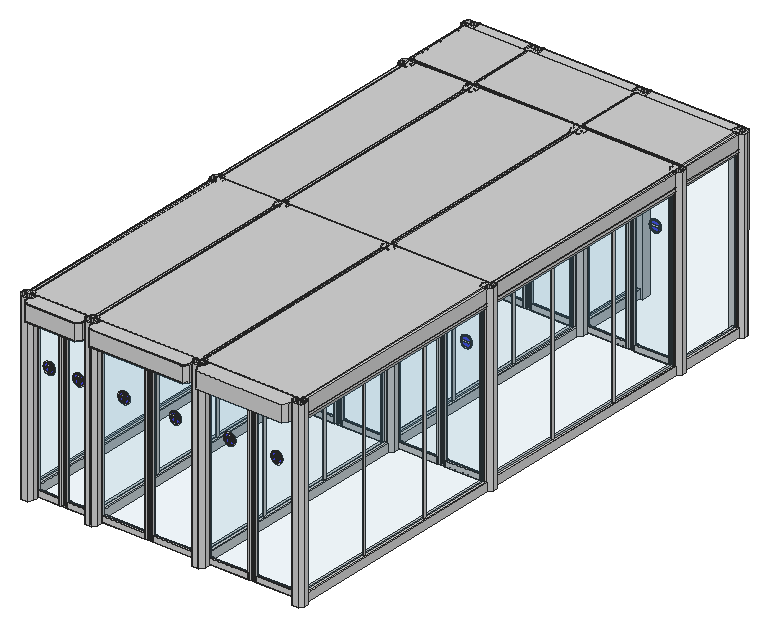
Revit family "assa_abloy_security_el_triple", category Doors, Revit 2026 (continued)
Definition of nested family "PartTriple"
  Dimensions and locks
    aligned and locked: curve 56 to Sweep 8
    aligned and locked: plane 14 to curve 57
    aligned and locked: curve 58 to plane 12
    aligned and locked: plane 20 to Extrusion 6
    aligned and locked: plane 13 to Extrusion 6
    aligned and locked: Extrusion 6 to plane 16
    aligned and locked: curve 61 to plane 13
    aligned and locked: Extrusion 6 to plane 14
    aligned and locked: plane 14 to curve 59
    aligned and locked: curve 60 to plane 20
    aligned and locked: plane 21 to curve 62
    aligned and locked: plane 14 to curve 63
    aligned and locked: curve 65 to plane 13
    aligned and locked: curve 64 to plane 22
    aligned and locked: plane 23 to curve 66
    aligned and locked: curve 69 to plane 13
    aligned and locked: plane 14 to curve 67
    aligned and locked: curve 68 to plane 17
    aligned and locked: plane 24 to curve 70
    aligned and locked: plane 11 to curve 72
    aligned and locked: curve 71 to plane 12
    aligned and locked: plane 22 to curve 74
    aligned and locked: curve 76 to plane 12
    aligned and locked: plane 11 to curve 75
    aligned and locked: curve 73 to plane 23
    aligned and locked: plane 20 to curve 78
    aligned and locked: curve 80 to plane 12
    aligned and locked: plane 11 to curve 79
    aligned and locked: curve 81 to Sweep 12
    aligned and locked: curve 82 to Sweep 12
    aligned and locked: plane 8 "Center" to Extrusion 15 sketch curve
    aligned and locked: Extrusion 21 sketch curve to plane 25
    aligned and locked: Extrusion 21 sketch curve to plane 30
    aligned and locked: plane 7 to Extrusion 21 sketch curve
    aligned and locked: Extrusion 21 sketch curve to plane 26  (x2)
    aligned and locked: Extrusion 20 sketch curve to plane 29
    aligned and locked: Extrusion 20 sketch curve to plane 11
    aligned and locked: Extrusion 20 sketch curve to plane 13
    aligned and locked: plane 4 "Top" to Sweep 4
    aligned and locked: plane 4 "Top" to cut or joined group of Sweep 13, Sweep 14, Extrusion 15  (x2)
    aligned and locked: Extrusion 19 sketch curve to plane 8 "Center"
    aligned and locked: Extrusion 19 sketch curve to plane 26
    aligned and locked: Extrusion 30 sketch curve to Sweep 23  (x2)
    aligned and locked: Extrusion 30 sketch curve to Sweep 22
    aligned and locked: Extrusion 41 sketch curve to Sweep 33
    aligned and locked: Sweep 22 to plane 24
    aligned and locked: Sweep 3 to plane 24  (x2)
    aligned and locked: Sweep 3 to plane 44  (x2)
    aligned and locked: plane 25 to Sweep 4  (x2)
    aligned and locked: nested 8 to plane 45
    aligned and locked: nested 7 to plane 46
    aligned and locked: plane 33 to Sweep 22
    aligned and locked: Extrusion 24 to plane 40
    aligned and locked: plane 39 to Extrusion 24
    aligned and locked: plane 33 to Sweep 23
    aligned and locked: plane 24 to Sweep 27 sketch curve
    aligned and locked: plane 25 to Sweep 27 sketch curve
    aligned and locked: plane 33 to Sweep 27 sketch curve
    aligned and locked: plane 25 to Sweep 28 sketch curve
    aligned and locked: plane 33 to Sweep 28 sketch curve
    aligned and locked: plane 24 to Sweep 28 sketch curve
    aligned and locked: Extrusion 29 sketch curve to plane 8 "Center"
    aligned and locked: Extrusion 29 sketch curve to plane 4 "Top"
    aligned and locked: plane 44 to Extrusion 29 sketch curve
    aligned and locked: Extrusion 24 sketch curve to plane 40  (x3)
    aligned and locked: Extrusion 24 sketch curve to plane 39  (x3)
    aligned and locked: plane 25 to Extrusion 24 sketch curve
    aligned and locked: Extrusion 24 sketch curve to plane 20
    aligned and locked: Extrusion 24 sketch curve to plane 21
    aligned and locked: Extrusion 24 sketch curve to plane 22
    aligned and locked: Extrusion 24 sketch curve to plane 23
    aligned and locked: plane 17 to Extrusion 24 sketch curve
    aligned and locked: plane 40 to Extrusion 29
    aligned and locked: plane 14 to Extrusion 29
    aligned and locked: plane 33 to Extrusion 32 sketch curve
    aligned and locked: Extrusion 32 sketch curve to plane 32
    aligned and locked: Extrusion 31 sketch curve to plane 47
    aligned and locked: plane 48 to Extrusion 31 sketch curve
    aligned and locked: Extrusion 30 sketch curve to plane 46
    aligned and locked: plane 45 to Extrusion 30 sketch curve
    aligned and locked: Extrusion 30 sketch curve to plane 32
    aligned and locked: plane 25 to Extrusion 30 sketch curve
    aligned and locked: Extrusion 30 sketch curve to plane 25
    aligned and locked: curve 83 to plane 49
    aligned and locked: Sweep 26 to plane 39  (x2)
    aligned and locked: Sweep 25 to plane 39
    aligned and locked: nested 6 to plane 45
    aligned and locked: nested 5 to plane 46
    aligned and locked: Sweep 33 to plane 38
    aligned and locked: Sweep 34 to plane 38
    aligned and locked: nested 10 to plane 50
    aligned and locked: nested 9 to plane 51
    aligned and locked: nested 11 to plane 51
    aligned and locked: nested 12 to plane 50
    aligned and locked: plane 44 to Extrusion 40 sketch curve
    aligned and locked: Extrusion 40 sketch curve to plane 4 "Top"
    aligned and locked: Extrusion 40 sketch curve to plane 8 "Center"
    aligned and locked: cut or joined group of Sweep 13, Sweep 14, Extrusion 15 to plane 8 "Center"
    aligned and locked: plane 43 to Extrusion 40
    aligned and locked: Extrusion 40 to plane 39
    aligned and locked: cut or joined group of Extrusion 16, Extrusion 17, Extrusion 18 to cut or joined group of Sweep 13, Sweep 14, Extrusion 15
    aligned and locked: Extrusion 16 sketch curve to Sweep 11
    aligned and locked: curve 84 to plane 49
    aligned and locked: Extrusion 42 to plane 53
    aligned and locked: plane 54 to Extrusion 42
    aligned and locked: plane 55 to Extrusion 41 sketch curve
    aligned and locked: Extrusion 42 to plane 57
    aligned and locked: plane 37 to Extrusion 43 sketch curve
    aligned and locked: plane 54 to Extrusion 43 sketch curve
    aligned and locked: Extrusion 43 sketch curve to plane 53
    aligned and locked: Extrusion 43 sketch curve to plane 38
    aligned and locked: Extrusion 21 to plane 5 "PH"
    aligned and locked: plane 4 "Top" to Extrusion 19
    aligned and locked: cut or joined group of Extrusion 16, Extrusion 17, Extrusion 18 to plane 5 "PH"
    aligned and locked: Extrusion 30 to plane 5 "PH"
    aligned and locked: Extrusion 41 to plane 5 "PH"
    aligned and locked: Extrusion 29 to plane 4 "Top"
    aligned and locked: Extrusion 40 to plane 4 "Top"
    aligned and locked: plane 28 to Sweep 9
    aligned and locked: plane 28 to Sweep 7
    aligned and locked: Sweep 28 to plane 28
    aligned and locked: Sweep 39 to plane 28
    aligned and locked: plane 28 to Extrusion 35
    aligned and locked: plane 28 to Extrusion 24
    aligned and locked: plane 59 to Extrusion 21
    aligned and locked: Extrusion 19 to plane 60
  Automatic sketch dimensions
    plane 1 "Entry" to curve 57 = 0.00 mm
    plane 1 "Entry" to curve 58 = 0.00 mm
    plane 26 to curve 83 = 0.00 mm
    plane 26 to curve 57 = 0.00 mm
    plane 26 to curve 58 = 0.00 mm
    curve 84 to curve 57 = 362.634 mm
    curve 83 to curve 84 = 575.561 mm
    curve 83 to curve 84 = 102.25 mm
    Sweep 1 sketch curve to level = 0.00 mm
    Sweep 1 sketch curve to plane 4 "Top" = 0.00 mm
    Sweep 1 sketch curve to profile plane = 0.00 mm
    profile plane to Sweep 1 sketch curve = 2.30 mm
    profile plane to Sweep 1 sketch curve = 19.90 mm
    profile plane to Sweep 1 sketch curve = 36.52 mm
    Sweep 1 sketch curve to Sweep 1 sketch curve = 0.946 mm
    Sweep 1 sketch curve to Sweep 1 sketch curve = 22.75 mm
    Sweep 1 sketch curve to plane 1 "Entry" = 17.45 mm  (x2)
    profile plane to Sweep 1 sketch curve = 43.296 mm
    Sweep 1 sketch curve to Sweep 1 sketch curve = 16.93 mm
    Sweep 1 sketch curve to Sweep 1 sketch curve = 10.70 mm  (x2)
    Sweep 1 sketch curve to Sweep 1 sketch curve = 26.254 mm
    Sweep 1 sketch curve to Sweep 1 sketch curve = 7.00 mm  (x2)
    Sweep 1 sketch curve to Sweep 1 sketch curve = 37.00 mm
    Sweep 1 sketch curve to Sweep 1 sketch curve = 5.00 mm  (x2)
    Sweep 1 sketch curve to Sweep 1 sketch curve = 8.50 mm
    Sweep 1 sketch curve to Sweep 1 sketch curve = 25.20 mm
    Sweep 1 sketch curve to Sweep 1 sketch curve = 17.95 mm
    Sweep 1 sketch curve to Sweep 1 sketch curve = 3.40 mm
    Sweep 1 sketch curve to Sweep 1 sketch curve = 19.05 mm
    Sweep 1 sketch curve to Sweep 1 sketch curve = 20.752 mm
    Sweep 1 sketch curve to Sweep 1 sketch curve = 16.185 mm
    Sweep 1 sketch curve to Sweep 1 sketch curve = 0.746 mm
    Sweep 1 sketch curve to Sweep 1 sketch curve = 3.182 mm
    Sweep 1 sketch curve to Sweep 1 sketch curve = 22.95 mm
    plane 1 "Entry" to Sweep 1 sketch curve = 21.326 mm
    Sweep 1 sketch curve to Sweep 1 sketch curve = 17.40 mm  (x2)
    plane 1 "Entry" to Sweep 1 sketch curve = 67.057 mm
    plane 1 "Entry" to Sweep 1 sketch curve = 20.298 mm
    Sweep 1 sketch curve to Sweep 1 sketch curve = 2.50 mm
    Sweep 1 sketch curve to Sweep 1 sketch curve = 6.71 mm
    Sweep 1 sketch curve to Sweep 1 sketch curve = 2.79 mm
    plane 1 "Entry" to Sweep 1 sketch curve = 2.55 mm
    plane 1 "Entry" to Sweep 1 sketch curve = 20.296 mm
    Sweep 1 sketch curve to Sweep 1 sketch curve = 36.45 mm
    Sweep 1 sketch curve to Sweep 1 sketch curve = 23.704 mm
    Sweep 1 sketch curve to Sweep 1 sketch curve = 9.50 mm
    Sweep 1 sketch curve to Sweep 1 sketch curve = 0.00 mm  (x2)
    Sweep 1 sketch curve to Sweep 1 sketch curve = 1.754 mm  (x2)
    Sweep 1 sketch curve to Sweep 1 sketch curve = 21.303 mm
    Sweep 1 sketch curve to Sweep 1 sketch curve = 1.746 mm  (x2)
    Sweep 1 sketch curve to Sweep 1 sketch curve = 36.56 mm
    Sweep 1 sketch curve to Sweep 1 sketch curve = 13.70 mm  (x2)
    Sweep 1 sketch curve to Sweep 1 sketch curve = 10.00 mm  (x2)
    Sweep 1 sketch curve to Sweep 1 sketch curve = 8.103 mm  (x2)
    Sweep 1 sketch curve to Sweep 1 sketch curve = 6.897 mm
    Sweep 2 sketch curve to plane 4 "Top" = 0.00 mm
    plane 7 to Sweep 2 sketch curve = 0.00 mm
    Sweep 2 sketch curve to level = 0.00 mm
    Sweep 2 sketch curve to profile plane = 0.00 mm
    profile plane to Sweep 2 sketch curve = 2.30 mm
    profile plane to Sweep 2 sketch curve = 19.90 mm
    profile plane to Sweep 2 sketch curve = 36.52 mm
    Sweep 2 sketch curve to Sweep 2 sketch curve = 0.946 mm
    Sweep 2 sketch curve to Sweep 2 sketch curve = 22.75 mm
    Sweep 2 sketch curve to plane 8 "Center" = 17.45 mm
    profile plane to Sweep 2 sketch curve = 43.296 mm
    Sweep 2 sketch curve to Sweep 2 sketch curve = 16.93 mm
    Sweep 2 sketch curve to Sweep 2 sketch curve = 10.70 mm  (x2)
    Sweep 2 sketch curve to Sweep 2 sketch curve = 5.40 mm  (x2)
    Sweep 2 sketch curve to Sweep 2 sketch curve = 1.60 mm  (x2)
    Sweep 2 sketch curve to Sweep 2 sketch curve = 37.00 mm
    Sweep 2 sketch curve to Sweep 2 sketch curve = 5.00 mm  (x5)
    Sweep 2 sketch curve to Sweep 2 sketch curve = 8.50 mm
    Sweep 2 sketch curve to plane 8 "Center" = 7.95 mm
    Sweep 2 sketch curve to Sweep 2 sketch curve = 59.304 mm
    Sweep 2 sketch curve to Sweep 2 sketch curve = 3.40 mm
    Sweep 2 sketch curve to Sweep 2 sketch curve = 19.05 mm
    Sweep 2 sketch curve to Sweep 2 sketch curve = 20.752 mm
    Sweep 2 sketch curve to Sweep 2 sketch curve = 16.185 mm
    Sweep 2 sketch curve to Sweep 2 sketch curve = 0.746 mm
    Sweep 2 sketch curve to Sweep 2 sketch curve = 3.182 mm
    Sweep 2 sketch curve to Sweep 2 sketch curve = 22.95 mm
    Sweep 2 sketch curve to Sweep 2 sketch curve = 17.40 mm  (x2)
    plane 8 "Center" to Sweep 2 sketch curve = 20.298 mm
    Sweep 2 sketch curve to Sweep 2 sketch curve = 2.50 mm
    Sweep 2 sketch curve to Sweep 2 sketch curve = 2.79 mm
    plane 8 "Center" to Sweep 2 sketch curve = 20.296 mm
    Sweep 2 sketch curve to Sweep 2 sketch curve = 1.028 mm
    Sweep 2 sketch curve to Sweep 2 sketch curve = 17.674 mm
    Sweep 2 sketch curve to Sweep 2 sketch curve = 23.704 mm
    Sweep 2 sketch curve to Sweep 2 sketch curve = 9.50 mm  (x2)
    Sweep 2 sketch curve to Sweep 2 sketch curve = 21.303 mm  (x2)
    Sweep 2 sketch curve to Sweep 2 sketch curve = 1.754 mm  (x2)
    Sweep 2 sketch curve to Sweep 2 sketch curve = 1.746 mm  (x2)
    Sweep 2 sketch curve to Sweep 2 sketch curve = 36.56 mm
    Sweep 2 sketch curve to Sweep 2 sketch curve = 0.00 mm
    Sweep 2 sketch curve to Sweep 2 sketch curve = 13.70 mm  (x2)
    Sweep 2 sketch curve to Sweep 2 sketch curve = 8.103 mm  (x2)
    Sweep 2 sketch curve to Sweep 2 sketch curve = 15.00 mm
    Sweep 2 sketch curve to Sweep 2 sketch curve = 6.897 mm
    Sweep 3 sketch curve to plane 4 "Top" = 0.00 mm
    plane 6 to Sweep 3 sketch curve = 0.00 mm
    Sweep 3 sketch curve to level = 0.00 mm
    Sweep 3 sketch curve to profile plane = 0.00 mm
    Sweep 3 sketch curve to profile plane = 2.30 mm
    Sweep 3 sketch curve to profile plane = 19.90 mm
    Sweep 3 sketch curve to profile plane = 36.52 mm
    Sweep 3 sketch curve to Sweep 3 sketch curve = 0.946 mm
    Sweep 3 sketch curve to Sweep 3 sketch curve = 22.75 mm
    Sweep 3 sketch curve to Sweep 3 sketch curve = 0.646 mm  (x2)
    Sweep 3 sketch curve to Sweep 3 sketch curve = 16.93 mm
    Sweep 3 sketch curve to Sweep 3 sketch curve = 10.70 mm  (x2)
    Sweep 3 sketch curve to Sweep 3 sketch curve = 26.254 mm  (x2)
    Sweep 3 sketch curve to Sweep 3 sketch curve = 7.00 mm  (x2)
    Sweep 3 sketch curve to Sweep 3 sketch curve = 37.00 mm
    Sweep 3 sketch curve to Sweep 3 sketch curve = 5.00 mm
    Sweep 3 sketch curve to Sweep 3 sketch curve = 8.50 mm
    profile plane to Sweep 3 sketch curve = 2.55 mm
    Sweep 3 sketch curve to Sweep 3 sketch curve = 25.20 mm
    Sweep 3 sketch curve to Sweep 3 sketch curve = 16.185 mm
    Sweep 3 sketch curve to Sweep 3 sketch curve = 0.746 mm
    Sweep 3 sketch curve to Sweep 3 sketch curve = 22.95 mm
    Sweep 3 sketch curve to Sweep 3 sketch curve = 17.40 mm
    profile plane to Sweep 3 sketch curve = 68.804 mm
    Sweep 3 sketch curve to Sweep 3 sketch curve = 2.50 mm
    Sweep 3 sketch curve to profile plane = 17.45 mm  (x2)
    profile plane to Sweep 3 sketch curve = 20.298 mm  (x2)
    Sweep 3 sketch curve to Sweep 3 sketch curve = 23.704 mm  (x2)
    Sweep 3 sketch curve to Sweep 3 sketch curve = 9.50 mm  (x2)
    Sweep 3 sketch curve to Sweep 3 sketch curve = 3.50 mm
    Sweep 3 sketch curve to Sweep 3 sketch curve = 21.303 mm
    Sweep 3 sketch curve to Sweep 3 sketch curve = 1.754 mm  (x2)
    Sweep 3 sketch curve to Sweep 3 sketch curve = 1.746 mm
    Sweep 3 sketch curve to Sweep 3 sketch curve = 36.56 mm
    Sweep 3 sketch curve to Sweep 3 sketch curve = 0.00 mm
    Sweep 3 sketch curve to Sweep 3 sketch curve = 13.70 mm  (x2)
    Sweep 3 sketch curve to Sweep 3 sketch curve = 10.00 mm  (x2)
    Sweep 3 sketch curve to Sweep 3 sketch curve = 8.103 mm  (x2)
    Sweep 3 sketch curve to Sweep 3 sketch curve = 6.897 mm
    Sweep 4 sketch curve to plane 4 "Top" = 0.00 mm
    plane 6 to Sweep 4 sketch curve = 0.00 mm
    Sweep 4 sketch curve to level = 0.00 mm
    Sweep 4 sketch curve to profile plane = 0.00 mm
    Sweep 4 sketch curve to profile plane = 2.30 mm
    Sweep 4 sketch curve to Sweep 4 sketch curve = 17.60 mm
    Sweep 4 sketch curve to profile plane = 36.52 mm
    Sweep 4 sketch curve to Sweep 4 sketch curve = 0.946 mm
    Sweep 4 sketch curve to Sweep 4 sketch curve = 22.75 mm
    Sweep 4 sketch curve to Sweep 4 sketch curve = 0.646 mm  (x2)
    Sweep 4 sketch curve to Sweep 4 sketch curve = 16.93 mm
    Sweep 4 sketch curve to Sweep 4 sketch curve = 10.70 mm  (x2)
    Sweep 4 sketch curve to Sweep 4 sketch curve = 5.40 mm
    Sweep 4 sketch curve to Sweep 4 sketch curve = 1.60 mm  (x2)
    Sweep 4 sketch curve to Sweep 4 sketch curve = 8.50 mm  (x2)
    Sweep 4 sketch curve to Sweep 4 sketch curve = 5.00 mm  (x2)
    Sweep 4 sketch curve to Sweep 4 sketch curve = 7.00 mm
    Sweep 4 sketch curve to plane 8 "Center" = 17.45 mm
    Sweep 4 sketch curve to Sweep 4 sketch curve = 77.707 mm
    Sweep 4 sketch curve to Sweep 4 sketch curve = 16.185 mm
    Sweep 4 sketch curve to Sweep 4 sketch curve = 0.746 mm
    Sweep 4 sketch curve to Sweep 4 sketch curve = 22.95 mm
    Sweep 4 sketch curve to Sweep 4 sketch curve = 17.40 mm
    Sweep 4 sketch curve to Sweep 4 sketch curve = 19.90 mm
    plane 8 "Center" to Sweep 4 sketch curve = 20.296 mm  (x2)
    Sweep 4 sketch curve to Sweep 4 sketch curve = 23.704 mm  (x2)
    Sweep 4 sketch curve to Sweep 4 sketch curve = 9.50 mm  (x2)
    Sweep 4 sketch curve to Sweep 4 sketch curve = 21.303 mm  (x2)
    Sweep 4 sketch curve to Sweep 4 sketch curve = 1.754 mm  (x2)
    Sweep 4 sketch curve to Sweep 4 sketch curve = 1.746 mm  (x2)
    Sweep 4 sketch curve to Sweep 4 sketch curve = 36.56 mm
    Sweep 4 sketch curve to Sweep 4 sketch curve = 0.00 mm
    Sweep 4 sketch curve to Sweep 4 sketch curve = 13.70 mm  (x2)
    Sweep 4 sketch curve to Sweep 4 sketch curve = 10.00 mm  (x2)
    Sweep 4 sketch curve to Sweep 4 sketch curve = 8.103 mm  (x2)
    Sweep 4 sketch curve to Sweep 4 sketch curve = 6.897 mm
    Sweep 4 sketch curve to Sweep 4 sketch curve = 15.00 mm
    Extrusion 5 sketch curve to plane 11 = 0.00 mm  (x2)
    Extrusion 5 sketch curve to plane 12 = 0.00 mm  (x2)
    Extrusion 6 sketch curve to plane 13 = 0.00 mm  (x2)
    Extrusion 6 sketch curve to plane 14 = 0.00 mm  (x2)
    plane 19 to Sweep 7 sketch curve = 15.00 mm
    profile plane to Sweep 7 sketch curve = 88.45 mm
    Sweep 7 sketch curve to Sweep 7 sketch curve = 2.00 mm  (x3)
    plane 19 to Sweep 7 sketch curve = 1.00 mm
    Sweep 7 sketch curve to Sweep 7 sketch curve = 8.60 mm  (x2)
    Sweep 7 sketch curve to plane 19 = 1.00 mm
    Sweep 7 sketch curve to Sweep 7 sketch curve = 14.00 mm
    Sweep 7 sketch curve to Sweep 7 sketch curve = 0.00 mm  (x2)
    plane 18 to Sweep 8 sketch curve = 15.00 mm
    profile plane to Sweep 8 sketch curve = 88.45 mm
    Sweep 8 sketch curve to Sweep 8 sketch curve = 2.00 mm  (x3)
    plane 18 to Sweep 8 sketch curve = 1.00 mm
    Sweep 8 sketch curve to Sweep 8 sketch curve = 8.60 mm  (x2)
    Sweep 8 sketch curve to plane 18 = 1.00 mm
    Sweep 8 sketch curve to Sweep 8 sketch curve = 14.00 mm
    Sweep 8 sketch curve to Sweep 8 sketch curve = 0.00 mm  (x2)
    plane 19 to Sweep 9 sketch curve = 15.00 mm
    Sweep 9 sketch curve to profile plane = 75.85 mm
    Sweep 9 sketch curve to Sweep 9 sketch curve = 2.00 mm  (x3)
    plane 19 to Sweep 9 sketch curve = 1.00 mm
    Sweep 9 sketch curve to Sweep 9 sketch curve = 8.60 mm
    Sweep 9 sketch curve to Sweep 9 sketch curve = 0.00 mm  (x3)
    Sweep 9 sketch curve to plane 19 = 1.00 mm
    Sweep 9 sketch curve to Sweep 9 sketch curve = 14.00 mm
    plane 18 to Sweep 10 sketch curve = 15.00 mm
    Sweep 10 sketch curve to profile plane = 75.85 mm
    Sweep 10 sketch curve to Sweep 10 sketch curve = 2.00 mm  (x3)
    plane 18 to Sweep 10 sketch curve = 1.00 mm
    Sweep 10 sketch curve to Sweep 10 sketch curve = 8.60 mm
    Sweep 10 sketch curve to Sweep 10 sketch curve = 0.00 mm  (x3)
    Sweep 10 sketch curve to plane 18 = 1.00 mm
    Sweep 10 sketch curve to Sweep 10 sketch curve = 14.00 mm
    level to Sweep 11 sketch curve = 0.90 mm
    profile plane to Sweep 11 sketch curve = 124.65 mm
    Sweep 11 sketch curve to Sweep 11 sketch curve = 5.00 mm  (x2)
    Sweep 11 sketch curve to Sweep 11 sketch curve = 28.00 mm  (x2)
    Sweep 11 sketch curve to Sweep 11 sketch curve = 19.00 mm
    level to Sweep 11 sketch curve = 70.90 mm
    Sweep 11 sketch curve to Sweep 11 sketch curve = 35.00 mm  (x2)
    Sweep 12 sketch curve to plane 6 = 0.00 mm
    plane 24 to Sweep 12 sketch curve = 0.00 mm
    plane 25 to Sweep 12 sketch curve = 0.00 mm
    level to Sweep 12 sketch curve = 0.90 mm
    Sweep 12 sketch curve to profile plane = 39.65 mm
    Sweep 12 sketch curve to Sweep 12 sketch curve = 5.00 mm  (x2)
    Sweep 12 sketch curve to Sweep 12 sketch curve = 28.00 mm  (x2)
    Sweep 12 sketch curve to Sweep 12 sketch curve = 19.00 mm
    level to Sweep 12 sketch curve = 70.90 mm
    Sweep 12 sketch curve to Sweep 12 sketch curve = 35.00 mm  (x2)
    Sweep 13 sketch curve to plane 7 = 0.00 mm
    plane 25 to Sweep 13 sketch curve = 0.00 mm
    plane 24 to Sweep 13 sketch curve = 0.00 mm
    Sweep 13 sketch curve to Sweep 13 sketch curve = 0.00 mm  (x6)
    plane 5 "PH" to Sweep 13 sketch curve = 41.60 mm
    profile plane to Sweep 13 sketch curve = 121.15 mm
    Sweep 13 sketch curve to Sweep 13 sketch curve = 2.00 mm
    Sweep 13 sketch curve to Sweep 13 sketch curve = 3.00 mm  (x3)
    Sweep 13 sketch curve to Sweep 13 sketch curve = 3.50 mm
    Sweep 13 sketch curve to plane 5 "PH" = 28.70 mm
    Sweep 13 sketch curve to Sweep 13 sketch curve = 17.32 mm
    Sweep 13 sketch curve to Sweep 13 sketch curve = 11.68 mm  (x2)
    Sweep 13 sketch curve to Sweep 13 sketch curve = 14.00 mm
    Sweep 13 sketch curve to Sweep 13 sketch curve = 45.00 mm
    profile plane to Sweep 13 sketch curve = 46.15 mm
    plane 5 "PH" to Sweep 13 sketch curve = 1.30 mm  (x2)
    Sweep 13 sketch curve to Sweep 13 sketch curve = 20.82 mm
    Sweep 13 sketch curve to Sweep 13 sketch curve = 4.40 mm  (x3)
    Sweep 13 sketch curve to Sweep 13 sketch curve = 9.60 mm
    Sweep 13 sketch curve to Sweep 13 sketch curve = 1.00 mm
    Sweep 13 sketch curve to Sweep 13 sketch curve = 63.75 mm
    Sweep 13 sketch curve to Sweep 13 sketch curve = 37.00 mm
    Sweep 13 sketch curve to Sweep 13 sketch curve = 64.25 mm
    Sweep 14 sketch curve to plane 6 = 0.00 mm
    plane 25 to Sweep 14 sketch curve = 0.00 mm
    plane 24 to Sweep 14 sketch curve = 0.00 mm
    Sweep 14 sketch curve to Sweep 14 sketch curve = 0.00 mm  (x5)
    Sweep 14 sketch curve to profile plane = 43.15 mm
    Sweep 14 sketch curve to profile plane = 46.15 mm
    Sweep 14 sketch curve to plane 5 "PH" = 28.70 mm  (x2)
    Sweep 14 sketch curve to Sweep 14 sketch curve = 17.32 mm
    Sweep 14 sketch curve to profile plane = 71.15 mm
    Sweep 14 sketch curve to Sweep 14 sketch curve = 11.68 mm  (x2)
    Sweep 14 sketch curve to Sweep 14 sketch curve = 3.00 mm  (x2)
    Sweep 14 sketch curve to Sweep 14 sketch curve = 14.00 mm
    plane 5 "PH" to Sweep 14 sketch curve = 41.60 mm
    Sweep 14 sketch curve to Sweep 14 sketch curve = 26.50 mm
    Sweep 14 sketch curve to Sweep 14 sketch curve = 45.00 mm
    Sweep 14 sketch curve to Sweep 14 sketch curve = 3.50 mm
    Sweep 14 sketch curve to Sweep 14 sketch curve = 5.50 mm
    Sweep 14 sketch curve to Sweep 14 sketch curve = 2.00 mm
    Sweep 14 sketch curve to Sweep 14 sketch curve = 4.40 mm  (x2)
    Sweep 14 sketch curve to Sweep 14 sketch curve = 9.60 mm
    plane 5 "PH" to Sweep 14 sketch curve = 1.30 mm  (x2)
    Sweep 14 sketch curve to Sweep 14 sketch curve = 1.00 mm
    Sweep 14 sketch curve to Sweep 14 sketch curve = 63.75 mm
    Sweep 14 sketch curve to Sweep 14 sketch curve = 37.00 mm
    Sweep 14 sketch curve to Sweep 14 sketch curve = 64.25 mm
    Extrusion 15 sketch curve to plane 4 "Top" = 0.00 mm
    Extrusion 15 sketch curve to Extrusion 15 sketch curve = 4.531 mm
    Extrusion 16 sketch curve to plane 7 = 0.00 mm
    Extrusion 16 sketch curve to plane 6 = 0.00 mm
    Extrusion 16 sketch curve to plane 9 = 14.65 mm
    plane 7 to Extrusion 16 sketch curve = 1.892 mm
    Extrusion 16 sketch curve to plane 30 = 0.642 mm
    Extrusion 16 sketch curve to plane 52 = 1.90 mm
    plane 8 "Center" to Extrusion 16 sketch curve = 20.296 mm
    Extrusion 16 sketch curve to Extrusion 16 sketch curve = 48.504 mm
    plane 44 to Extrusion 16 sketch curve = 48.505 mm
    Extrusion 16 sketch curve to Extrusion 16 sketch curve = 60.413 mm  (x2)
    Extrusion 16 sketch curve to Extrusion 16 sketch curve = 32.344 mm  (x2)
    Extrusion 16 sketch curve to Extrusion 16 sketch curve = 63.44 mm
    Extrusion 17 sketch curve to plane 9 = 14.65 mm
    Extrusion 17 sketch curve to Extrusion 17 sketch curve = 2.00 mm  (x2)
    plane 7 to Extrusion 17 sketch curve = 1.892 mm
    Extrusion 17 sketch curve to Extrusion 17 sketch curve = 1.109 mm
    Extrusion 17 sketch curve to plane 30 = 1.75 mm
    Extrusion 17 sketch curve to plane 30 = 0.642 mm
    Extrusion 17 sketch curve to plane 52 = 3.90 mm
    Extrusion 17 sketch curve to plane 52 = 1.90 mm
    plane 44 to Extrusion 17 sketch curve = 108.462 mm  (x2)
    Extrusion 17 sketch curve to Extrusion 17 sketch curve = 32.226 mm
    Extrusion 17 sketch curve to Extrusion 17 sketch curve = 32.227 mm
    Extrusion 17 sketch curve to Extrusion 17 sketch curve = 0.573 mm  (x2)
    Extrusion 17 sketch curve to Extrusion 17 sketch curve = 62.014 mm
    Extrusion 18 sketch curve to plane 7 = 0.00 mm
    Extrusion 18 sketch curve to plane 6 = 0.00 mm
    Extrusion 18 sketch curve to plane 9 = 14.65 mm
    plane 7 to Extrusion 18 sketch curve = 1.892 mm
    Extrusion 18 sketch curve to plane 30 = 0.642 mm
    Extrusion 18 sketch curve to plane 52 = 1.90 mm
    Extrusion 18 sketch curve to plane 44 = 0.001 mm
    plane 44 to Extrusion 18 sketch curve = 48.505 mm  (x2)
    Extrusion 18 sketch curve to Extrusion 18 sketch curve = 60.413 mm  (x2)
    Extrusion 18 sketch curve to Extrusion 18 sketch curve = 32.344 mm  (x2)
    Extrusion 18 sketch curve to Extrusion 18 sketch curve = 63.44 mm
    curve 57 to curve 26 = 8.50 mm
    curve 30 to curve 57 = 42.954 mm
    curve 57 to curve 29 = 38.40 mm
    curve 76 to curve 48 = 3.00 mm
    plane 11 to Extrusion 19 sketch curve = 1.875 mm
    Extrusion 19 sketch curve to plane 9 = 20.196 mm
    plane 29 to Extrusion 19 sketch curve = 1.875 mm
    plane 7 to Extrusion 19 sketch curve = 21.671 mm
    Extrusion 19 sketch curve to plane 30 = 15.421 mm
    plane 52 to Extrusion 19 sketch curve = 3.45 mm
    Extrusion 19 sketch curve to plane 31 = 0.024 mm
    plane 13 to Extrusion 19 sketch curve = 2.50 mm
    plane 31 to Extrusion 19 sketch curve = 5.601 mm
    plane 26 to Extrusion 20 sketch curve = 0.00 mm  (x2)
    plane 11 to Extrusion 20 sketch curve = 2.031 mm
    plane 7 to Extrusion 20 sketch curve = 20.371 mm
    plane 29 to Extrusion 20 sketch curve = 2.00 mm
    Extrusion 20 sketch curve to Extrusion 20 sketch curve = 0.828 mm  (x2)
    Extrusion 20 sketch curve to plane 30 = 15.05 mm
    Extrusion 20 sketch curve to Extrusion 20 sketch curve = 1.975 mm
    Extrusion 20 sketch curve to plane 31 = 0.599 mm
    plane 31 to Extrusion 20 sketch curve = 0.255 mm
    plane 31 to Extrusion 20 sketch curve = 4.301 mm
    Extrusion 20 sketch curve to Extrusion 20 sketch curve = 0.797 mm
    Extrusion 21 sketch curve to plane 9 = 14.602 mm
    Extrusion 21 sketch curve to plane 9 = 20.30 mm
    plane 11 to Extrusion 21 sketch curve = 10.00 mm
    plane 7 to Extrusion 21 sketch curve = 17.605 mm
    Extrusion 21 sketch curve to plane 30 = 16.561 mm
    Extrusion 21 sketch curve to plane 52 = 2.154 mm
    plane 52 to Extrusion 21 sketch curve = 3.543 mm
    plane 13 to Extrusion 21 sketch curve = 10.00 mm
    plane 31 to Extrusion 21 sketch curve = 1.741 mm
    plane 31 to Extrusion 21 sketch curve = 1.535 mm
    plane 29 to Extrusion 21 sketch curve = 10.00 mm
    plane 8 "Center" to Extrusion 21 sketch curve = 20.083 mm  (x2)
    Extrusion 21 sketch curve to Extrusion 21 sketch curve = 46.671 mm
    Extrusion 21 sketch curve to Extrusion 21 sketch curve = 48.341 mm
    Sweep 22 sketch curve to plane 4 "Top" = 0.00 mm
    Sweep 22 sketch curve to plane 33 = 0.00 mm
    Sweep 22 sketch curve to level = 0.00 mm
    Sweep 22 sketch curve to profile plane = 0.00 mm
    Sweep 22 sketch curve to profile plane = 2.30 mm
    Sweep 22 sketch curve to Sweep 22 sketch curve = 17.60 mm
    Sweep 22 sketch curve to profile plane = 36.52 mm
    Sweep 22 sketch curve to Sweep 22 sketch curve = 0.946 mm
    Sweep 22 sketch curve to Sweep 22 sketch curve = 22.75 mm
    Sweep 22 sketch curve to profile plane = 17.45 mm
    Sweep 22 sketch curve to profile plane = 43.296 mm
    Sweep 22 sketch curve to Sweep 22 sketch curve = 16.93 mm
    Sweep 22 sketch curve to Sweep 22 sketch curve = 10.70 mm  (x2)
    profile plane to Sweep 22 sketch curve = 2.55 mm
    Sweep 22 sketch curve to Sweep 22 sketch curve = 26.254 mm
    Sweep 22 sketch curve to Sweep 22 sketch curve = 7.00 mm  (x2)
    Sweep 22 sketch curve to Sweep 22 sketch curve = 37.00 mm
    Sweep 22 sketch curve to Sweep 22 sketch curve = 5.00 mm  (x2)
    Sweep 22 sketch curve to Sweep 22 sketch curve = 8.50 mm
    Sweep 22 sketch curve to Sweep 22 sketch curve = 25.20 mm
    Sweep 22 sketch curve to Sweep 22 sketch curve = 17.95 mm
    Sweep 22 sketch curve to Sweep 22 sketch curve = 3.40 mm
    Sweep 22 sketch curve to Sweep 22 sketch curve = 19.05 mm
    Sweep 22 sketch curve to Sweep 22 sketch curve = 20.752 mm
    Sweep 22 sketch curve to Sweep 22 sketch curve = 16.185 mm
    Sweep 22 sketch curve to Sweep 22 sketch curve = 0.746 mm
    Sweep 22 sketch curve to profile plane = 10.74 mm
    Sweep 22 sketch curve to Sweep 22 sketch curve = 3.182 mm
    Sweep 22 sketch curve to Sweep 22 sketch curve = 22.95 mm
    Sweep 22 sketch curve to Sweep 22 sketch curve = 17.40 mm  (x2)
    profile plane to Sweep 22 sketch curve = 21.326 mm
    Sweep 22 sketch curve to Sweep 22 sketch curve = 2.50 mm
    Sweep 22 sketch curve to Sweep 22 sketch curve = 6.71 mm
    Sweep 22 sketch curve to Sweep 22 sketch curve = 2.79 mm
    profile plane to Sweep 22 sketch curve = 20.296 mm
    Sweep 22 sketch curve to Sweep 22 sketch curve = 1.028 mm
    Sweep 22 sketch curve to Sweep 22 sketch curve = 36.45 mm
    Sweep 22 sketch curve to Sweep 22 sketch curve = 23.704 mm
    Sweep 22 sketch curve to Sweep 22 sketch curve = 9.50 mm
    Sweep 22 sketch curve to Sweep 22 sketch curve = 0.00 mm  (x2)
    Sweep 22 sketch curve to Sweep 22 sketch curve = 21.303 mm  (x2)
    Sweep 22 sketch curve to Sweep 22 sketch curve = 1.754 mm  (x2)
    Sweep 22 sketch curve to Sweep 22 sketch curve = 1.746 mm  (x2)
    Sweep 22 sketch curve to Sweep 22 sketch curve = 36.56 mm
    Sweep 22 sketch curve to Sweep 22 sketch curve = 13.70 mm  (x2)
    Sweep 22 sketch curve to Sweep 22 sketch curve = 10.00 mm  (x2)
    Sweep 22 sketch curve to Sweep 22 sketch curve = 8.103 mm  (x2)
    Sweep 22 sketch curve to Sweep 22 sketch curve = 6.897 mm
    Sweep 23 sketch curve to plane 4 "Top" = 0.00 mm
    Sweep 23 sketch curve to plane 33 = 0.00 mm
    Sweep 23 sketch curve to level = 0.00 mm
    Sweep 23 sketch curve to profile plane = 0.00 mm
    Sweep 23 sketch curve to profile plane = 2.30 mm
    Sweep 23 sketch curve to Sweep 23 sketch curve = 17.60 mm
    Sweep 23 sketch curve to profile plane = 36.52 mm
    Sweep 23 sketch curve to Sweep 23 sketch curve = 0.946 mm
    Sweep 23 sketch curve to Sweep 23 sketch curve = 22.75 mm
    Sweep 23 sketch curve to profile plane = 17.45 mm
    Sweep 23 sketch curve to profile plane = 43.296 mm
    Sweep 23 sketch curve to Sweep 23 sketch curve = 16.93 mm
    Sweep 23 sketch curve to Sweep 23 sketch curve = 10.70 mm  (x2)
    Sweep 23 sketch curve to Sweep 23 sketch curve = 5.40 mm
    Sweep 23 sketch curve to Sweep 23 sketch curve = 1.60 mm  (x2)
    Sweep 23 sketch curve to Sweep 23 sketch curve = 8.50 mm  (x2)
    Sweep 23 sketch curve to Sweep 23 sketch curve = 5.00 mm  (x5)
    Sweep 23 sketch curve to Sweep 23 sketch curve = 7.00 mm
    Sweep 23 sketch curve to profile plane = 7.95 mm
    Sweep 23 sketch curve to Sweep 23 sketch curve = 59.304 mm
    Sweep 23 sketch curve to Sweep 23 sketch curve = 3.40 mm
    Sweep 23 sketch curve to Sweep 23 sketch curve = 19.05 mm
    Sweep 23 sketch curve to Sweep 23 sketch curve = 20.752 mm
    Sweep 23 sketch curve to Sweep 23 sketch curve = 16.185 mm
    Sweep 23 sketch curve to Sweep 23 sketch curve = 0.746 mm
    Sweep 23 sketch curve to profile plane = 10.74 mm
    Sweep 23 sketch curve to Sweep 23 sketch curve = 3.182 mm
    Sweep 23 sketch curve to Sweep 23 sketch curve = 22.95 mm
    Sweep 23 sketch curve to Sweep 23 sketch curve = 17.40 mm  (x2)
    profile plane to Sweep 23 sketch curve = 21.326 mm
    Sweep 23 sketch curve to Sweep 23 sketch curve = 2.50 mm
    profile plane to Sweep 23 sketch curve = 20.296 mm
    Sweep 23 sketch curve to Sweep 23 sketch curve = 1.028 mm
    Sweep 23 sketch curve to Sweep 23 sketch curve = 17.674 mm
    Sweep 23 sketch curve to Sweep 23 sketch curve = 23.704 mm
    Sweep 23 sketch curve to Sweep 23 sketch curve = 9.50 mm  (x2)
    Sweep 23 sketch curve to Sweep 23 sketch curve = 21.303 mm  (x2)
    Sweep 23 sketch curve to Sweep 23 sketch curve = 1.754 mm  (x2)
    Sweep 23 sketch curve to Sweep 23 sketch curve = 1.746 mm  (x2)
    Sweep 23 sketch curve to Sweep 23 sketch curve = 36.56 mm
    Sweep 23 sketch curve to Sweep 23 sketch curve = 0.00 mm
    Sweep 23 sketch curve to Sweep 23 sketch curve = 13.70 mm  (x2)
    Sweep 23 sketch curve to Sweep 23 sketch curve = 8.103 mm  (x2)
    Sweep 23 sketch curve to Sweep 23 sketch curve = 15.00 mm
    Sweep 23 sketch curve to Sweep 23 sketch curve = 6.897 mm
    Sweep 25 sketch curve to plane 28 = 0.00 mm
    Sweep 25 sketch curve to plane 27 = 0.00 mm
    plane 33 to Sweep 25 sketch curve = 0.10 mm
    profile plane to Sweep 25 sketch curve = 15.00 mm
    Sweep 25 sketch curve to profile plane = 75.85 mm
    Sweep 25 sketch curve to Sweep 25 sketch curve = 2.00 mm  (x3)
    profile plane to Sweep 25 sketch curve = 1.00 mm
    Sweep 25 sketch curve to Sweep 25 sketch curve = 8.60 mm
    Sweep 25 sketch curve to Sweep 25 sketch curve = 0.00 mm  (x3)
    Sweep 25 sketch curve to profile plane = 1.00 mm
    Sweep 25 sketch curve to Sweep 25 sketch curve = 14.00 mm
    Sweep 26 sketch curve to plane 28 = 0.00 mm
    Sweep 26 sketch curve to plane 27 = 0.00 mm
    plane 33 to Sweep 26 sketch curve = 0.10 mm
    profile plane to Sweep 26 sketch curve = 15.00 mm
    Sweep 26 sketch curve to profile plane = 75.85 mm
    Sweep 26 sketch curve to Sweep 26 sketch curve = 2.00 mm  (x3)
    profile plane to Sweep 26 sketch curve = 1.00 mm
    Sweep 26 sketch curve to Sweep 26 sketch curve = 8.60 mm
    Sweep 26 sketch curve to Sweep 26 sketch curve = 0.00 mm  (x3)
    Sweep 26 sketch curve to profile plane = 1.00 mm
    Sweep 26 sketch curve to Sweep 26 sketch curve = 14.00 mm
    level to Sweep 27 sketch curve = 0.90 mm
    Sweep 27 sketch curve to profile plane = 39.65 mm
    Sweep 27 sketch curve to Sweep 27 sketch curve = 5.00 mm  (x2)
    Sweep 27 sketch curve to Sweep 27 sketch curve = 28.00 mm  (x2)
    Sweep 27 sketch curve to Sweep 27 sketch curve = 19.00 mm
    level to Sweep 27 sketch curve = 70.90 mm
    Sweep 27 sketch curve to Sweep 27 sketch curve = 35.00 mm  (x2)
    Sweep 28 sketch curve to Sweep 28 sketch curve = 0.00 mm  (x5)
    Sweep 28 sketch curve to profile plane = 43.15 mm
    Sweep 28 sketch curve to profile plane = 46.15 mm
    Sweep 28 sketch curve to plane 5 "PH" = 28.70 mm  (x2)
    Sweep 28 sketch curve to Sweep 28 sketch curve = 17.32 mm
    Sweep 28 sketch curve to profile plane = 71.15 mm
    Sweep 28 sketch curve to Sweep 28 sketch curve = 11.68 mm  (x2)
    Sweep 28 sketch curve to Sweep 28 sketch curve = 3.00 mm  (x2)
    Sweep 28 sketch curve to Sweep 28 sketch curve = 14.00 mm
    plane 5 "PH" to Sweep 28 sketch curve = 41.60 mm
    Sweep 28 sketch curve to Sweep 28 sketch curve = 26.50 mm
    Sweep 28 sketch curve to Sweep 28 sketch curve = 45.00 mm
    Sweep 28 sketch curve to Sweep 28 sketch curve = 3.50 mm
    Sweep 28 sketch curve to Sweep 28 sketch curve = 5.50 mm
    Sweep 28 sketch curve to Sweep 28 sketch curve = 2.00 mm
    Sweep 28 sketch curve to Sweep 28 sketch curve = 4.40 mm  (x2)
    Sweep 28 sketch curve to Sweep 28 sketch curve = 9.60 mm
    plane 5 "PH" to Sweep 28 sketch curve = 1.30 mm  (x2)
    Sweep 28 sketch curve to Sweep 28 sketch curve = 1.00 mm
    Sweep 28 sketch curve to Sweep 28 sketch curve = 63.75 mm
    Sweep 28 sketch curve to Sweep 28 sketch curve = 37.00 mm
    Sweep 28 sketch curve to Sweep 28 sketch curve = 64.25 mm
    Extrusion 29 sketch curve to Extrusion 29 sketch curve = 4.531 mm
    Extrusion 30 sketch curve to plane 32 = 0.00 mm
    Extrusion 30 sketch curve to plane 33 = 0.00 mm
    Extrusion 30 sketch curve to plane 45 = 14.165 mm
    Extrusion 30 sketch curve to plane 44 = 0.001 mm
    Extrusion 30 sketch curve to plane 45 = 19.85 mm
    Extrusion 30 sketch curve to plane 32 = 1.892 mm
    plane 33 to Extrusion 30 sketch curve = 1.892 mm
    plane 46 to Extrusion 30 sketch curve = 19.95 mm
    Extrusion 30 sketch curve to plane 16 = 51.857 mm
    plane 8 "Center" to Extrusion 30 sketch curve = 20.296 mm
    plane 44 to Extrusion 30 sketch curve = 48.505 mm  (x2)
    Extrusion 30 sketch curve to Extrusion 30 sketch curve = 37.128 mm
    Extrusion 30 sketch curve to Extrusion 30 sketch curve = 37.288 mm
    Extrusion 30 sketch curve to Extrusion 30 sketch curve = 78.594 mm
    Extrusion 30 sketch curve to Extrusion 30 sketch curve = 78.914 mm
    Extrusion 30 sketch curve to Extrusion 30 sketch curve = 40.315 mm
    Extrusion 31 sketch curve to plane 48 = 2.00 mm
    Extrusion 31 sketch curve to plane 32 = 1.892 mm
    Extrusion 31 sketch curve to Extrusion 31 sketch curve = 1.109 mm
    plane 33 to Extrusion 31 sketch curve = 3.00 mm
    plane 33 to Extrusion 31 sketch curve = 1.892 mm
    plane 47 to Extrusion 31 sketch curve = 2.00 mm
    plane 44 to Extrusion 31 sketch curve = 108.462 mm  (x2)
    Extrusion 31 sketch curve to Extrusion 31 sketch curve = 32.226 mm
    Extrusion 31 sketch curve to Extrusion 31 sketch curve = 32.227 mm
    Extrusion 31 sketch curve to Extrusion 31 sketch curve = 0.573 mm  (x2)
    Extrusion 31 sketch curve to Extrusion 31 sketch curve = 62.014 mm
    Extrusion 31 sketch curve to Extrusion 31 sketch curve = 2.00 mm
    Extrusion 32 sketch curve to plane 45 = 14.45 mm
    Extrusion 32 sketch curve to plane 32 = 1.892 mm
    plane 33 to Extrusion 32 sketch curve = 1.892 mm
    plane 46 to Extrusion 32 sketch curve = 14.55 mm
    Extrusion 32 sketch curve to plane 44 = 0.001 mm
    plane 44 to Extrusion 32 sketch curve = 48.505 mm  (x2)
    Extrusion 32 sketch curve to Extrusion 32 sketch curve = 60.413 mm  (x2)
    Extrusion 32 sketch curve to Extrusion 32 sketch curve = 32.344 mm  (x2)
    Extrusion 32 sketch curve to Extrusion 32 sketch curve = 63.44 mm
    Sweep 33 sketch curve to plane 4 "Top" = 0.00 mm
    plane 38 to Sweep 33 sketch curve = 0.00 mm
    Sweep 33 sketch curve to level = 0.00 mm
    Sweep 33 sketch curve to profile plane = 0.00 mm
    Sweep 33 sketch curve to profile plane = 2.30 mm
    Sweep 33 sketch curve to Sweep 33 sketch curve = 17.60 mm
    Sweep 33 sketch curve to profile plane = 36.52 mm
    Sweep 33 sketch curve to Sweep 33 sketch curve = 0.946 mm
    Sweep 33 sketch curve to Sweep 33 sketch curve = 22.75 mm
    Sweep 33 sketch curve to profile plane = 17.45 mm
    Sweep 33 sketch curve to profile plane = 43.296 mm
    Sweep 33 sketch curve to Sweep 33 sketch curve = 16.93 mm
    Sweep 33 sketch curve to Sweep 33 sketch curve = 10.70 mm  (x2)
    profile plane to Sweep 33 sketch curve = 2.55 mm
    Sweep 33 sketch curve to Sweep 33 sketch curve = 26.254 mm
    Sweep 33 sketch curve to Sweep 33 sketch curve = 7.00 mm  (x2)
    Sweep 33 sketch curve to Sweep 33 sketch curve = 37.00 mm
    Sweep 33 sketch curve to Sweep 33 sketch curve = 5.00 mm  (x2)
    Sweep 33 sketch curve to Sweep 33 sketch curve = 8.50 mm
    Sweep 33 sketch curve to Sweep 33 sketch curve = 25.20 mm
    Sweep 33 sketch curve to Sweep 33 sketch curve = 17.95 mm
    Sweep 33 sketch curve to Sweep 33 sketch curve = 3.40 mm
    Sweep 33 sketch curve to Sweep 33 sketch curve = 19.05 mm
    Sweep 33 sketch curve to Sweep 33 sketch curve = 20.752 mm
    Sweep 33 sketch curve to Sweep 33 sketch curve = 16.185 mm
    Sweep 33 sketch curve to Sweep 33 sketch curve = 0.746 mm
    Sweep 33 sketch curve to profile plane = 10.74 mm
    Sweep 33 sketch curve to Sweep 33 sketch curve = 3.182 mm
    Sweep 33 sketch curve to Sweep 33 sketch curve = 22.95 mm
    Sweep 33 sketch curve to Sweep 33 sketch curve = 17.40 mm  (x2)
    profile plane to Sweep 33 sketch curve = 21.326 mm
    Sweep 33 sketch curve to Sweep 33 sketch curve = 2.50 mm
    Sweep 33 sketch curve to Sweep 33 sketch curve = 6.71 mm
    Sweep 33 sketch curve to Sweep 33 sketch curve = 2.79 mm
    profile plane to Sweep 33 sketch curve = 20.296 mm
    Sweep 33 sketch curve to Sweep 33 sketch curve = 1.028 mm
    Sweep 33 sketch curve to Sweep 33 sketch curve = 36.45 mm
    Sweep 33 sketch curve to Sweep 33 sketch curve = 23.704 mm
    Sweep 33 sketch curve to Sweep 33 sketch curve = 9.50 mm
    Sweep 33 sketch curve to Sweep 33 sketch curve = 0.00 mm  (x2)
    Sweep 33 sketch curve to Sweep 33 sketch curve = 21.303 mm  (x2)
    Sweep 33 sketch curve to Sweep 33 sketch curve = 1.754 mm  (x2)
    Sweep 33 sketch curve to Sweep 33 sketch curve = 1.746 mm  (x2)
    Sweep 33 sketch curve to Sweep 33 sketch curve = 36.56 mm
    Sweep 33 sketch curve to Sweep 33 sketch curve = 13.70 mm  (x2)
    Sweep 33 sketch curve to Sweep 33 sketch curve = 10.00 mm  (x2)
    Sweep 33 sketch curve to Sweep 33 sketch curve = 8.103 mm  (x2)
    Sweep 33 sketch curve to Sweep 33 sketch curve = 6.897 mm
    Sweep 34 sketch curve to plane 4 "Top" = 0.00 mm
    plane 38 to Sweep 34 sketch curve = 0.00 mm
    Sweep 34 sketch curve to level = 0.00 mm
    Sweep 34 sketch curve to profile plane = 0.00 mm
    Sweep 34 sketch curve to profile plane = 2.30 mm
    Sweep 34 sketch curve to Sweep 34 sketch curve = 17.60 mm
    Sweep 34 sketch curve to profile plane = 36.52 mm
    Sweep 34 sketch curve to Sweep 34 sketch curve = 0.946 mm
    Sweep 34 sketch curve to Sweep 34 sketch curve = 22.75 mm
    Sweep 34 sketch curve to profile plane = 17.45 mm
    Sweep 34 sketch curve to profile plane = 43.296 mm
    Sweep 34 sketch curve to Sweep 34 sketch curve = 16.93 mm
    Sweep 34 sketch curve to Sweep 34 sketch curve = 10.70 mm  (x2)
    Sweep 34 sketch curve to Sweep 34 sketch curve = 5.40 mm
    Sweep 34 sketch curve to Sweep 34 sketch curve = 1.60 mm  (x2)
    Sweep 34 sketch curve to Sweep 34 sketch curve = 8.50 mm  (x2)
    Sweep 34 sketch curve to Sweep 34 sketch curve = 5.00 mm  (x5)
    Sweep 34 sketch curve to Sweep 34 sketch curve = 7.00 mm
    Sweep 34 sketch curve to profile plane = 7.95 mm
    Sweep 34 sketch curve to Sweep 34 sketch curve = 59.304 mm
    Sweep 34 sketch curve to Sweep 34 sketch curve = 3.40 mm
    Sweep 34 sketch curve to Sweep 34 sketch curve = 19.05 mm
    Sweep 34 sketch curve to Sweep 34 sketch curve = 20.752 mm
    Sweep 34 sketch curve to Sweep 34 sketch curve = 16.185 mm
    Sweep 34 sketch curve to Sweep 34 sketch curve = 0.746 mm
    Sweep 34 sketch curve to profile plane = 10.74 mm
    Sweep 34 sketch curve to Sweep 34 sketch curve = 3.182 mm
    Sweep 34 sketch curve to Sweep 34 sketch curve = 22.95 mm
    Sweep 34 sketch curve to Sweep 34 sketch curve = 17.40 mm  (x2)
    profile plane to Sweep 34 sketch curve = 21.326 mm
    Sweep 34 sketch curve to Sweep 34 sketch curve = 2.50 mm
    profile plane to Sweep 34 sketch curve = 20.296 mm
    Sweep 34 sketch curve to Sweep 34 sketch curve = 1.028 mm
    Sweep 34 sketch curve to Sweep 34 sketch curve = 17.674 mm
    Sweep 34 sketch curve to Sweep 34 sketch curve = 23.704 mm
    Sweep 34 sketch curve to Sweep 34 sketch curve = 9.50 mm  (x2)
    Sweep 34 sketch curve to Sweep 34 sketch curve = 21.303 mm  (x2)
    Sweep 34 sketch curve to Sweep 34 sketch curve = 1.754 mm  (x2)
    Sweep 34 sketch curve to Sweep 34 sketch curve = 1.746 mm  (x2)
    Sweep 34 sketch curve to Sweep 34 sketch curve = 36.56 mm
    Sweep 34 sketch curve to Sweep 34 sketch curve = 0.00 mm
    Sweep 34 sketch curve to Sweep 34 sketch curve = 13.70 mm  (x2)
    Sweep 34 sketch curve to Sweep 34 sketch curve = 8.103 mm  (x2)
    Sweep 34 sketch curve to Sweep 34 sketch curve = 15.00 mm
    Sweep 34 sketch curve to Sweep 34 sketch curve = 6.897 mm
    plane 16 to Extrusion 35 sketch curve = 0.00 mm
    plane 17 to Extrusion 35 sketch curve = 0.00 mm
    plane 23 to Extrusion 35 sketch curve = 0.00 mm
    plane 21 to Extrusion 35 sketch curve = 0.00 mm
    plane 20 to Extrusion 35 sketch curve = 0.00 mm
    plane 22 to Extrusion 35 sketch curve = 0.00 mm
    plane 43 to Extrusion 35 sketch curve = 0.10 mm  (x3)
    plane 42 to Extrusion 35 sketch curve = 0.10 mm  (x3)
    Sweep 36 sketch curve to plane 28 = 0.00 mm
    plane 38 to Sweep 36 sketch curve = 0.00 mm
    Sweep 36 sketch curve to plane 27 = 0.00 mm
    profile plane to Sweep 36 sketch curve = 15.00 mm
    Sweep 36 sketch curve to profile plane = 75.85 mm
    Sweep 36 sketch curve to Sweep 36 sketch curve = 2.00 mm  (x3)
    profile plane to Sweep 36 sketch curve = 1.00 mm
    Sweep 36 sketch curve to Sweep 36 sketch curve = 8.60 mm
    Sweep 36 sketch curve to Sweep 36 sketch curve = 0.00 mm  (x3)
    Sweep 36 sketch curve to profile plane = 1.00 mm
    Sweep 36 sketch curve to Sweep 36 sketch curve = 14.00 mm
    Sweep 37 sketch curve to plane 28 = 0.00 mm
    plane 38 to Sweep 37 sketch curve = 0.00 mm
    Sweep 37 sketch curve to plane 27 = 0.00 mm
    profile plane to Sweep 37 sketch curve = 15.00 mm
    Sweep 37 sketch curve to profile plane = 75.85 mm
    Sweep 37 sketch curve to Sweep 37 sketch curve = 2.00 mm  (x3)
    profile plane to Sweep 37 sketch curve = 1.00 mm
    Sweep 37 sketch curve to Sweep 37 sketch curve = 8.60 mm
    Sweep 37 sketch curve to Sweep 37 sketch curve = 0.00 mm  (x3)
    Sweep 37 sketch curve to profile plane = 1.00 mm
    Sweep 37 sketch curve to Sweep 37 sketch curve = 14.00 mm
    plane 25 to Sweep 38 sketch curve = 0.00 mm
    Sweep 38 sketch curve to plane 38 = 0.00 mm
    plane 24 to Sweep 38 sketch curve = 0.00 mm
    level to Sweep 38 sketch curve = 0.90 mm
    Sweep 38 sketch curve to profile plane = 39.65 mm
    Sweep 38 sketch curve to Sweep 38 sketch curve = 5.00 mm  (x2)
    Sweep 38 sketch curve to Sweep 38 sketch curve = 28.00 mm  (x2)
    Sweep 38 sketch curve to Sweep 38 sketch curve = 19.00 mm
    level to Sweep 38 sketch curve = 70.90 mm
    Sweep 38 sketch curve to Sweep 38 sketch curve = 35.00 mm  (x2)
    plane 25 to Sweep 39 sketch curve = 0.00 mm
    Sweep 39 sketch curve to plane 38 = 0.00 mm
    plane 24 to Sweep 39 sketch curve = 0.00 mm
    Sweep 39 sketch curve to Sweep 39 sketch curve = 0.00 mm  (x5)
    Sweep 39 sketch curve to profile plane = 43.15 mm
    Sweep 39 sketch curve to profile plane = 46.15 mm
    Sweep 39 sketch curve to plane 5 "PH" = 28.70 mm  (x2)
    Sweep 39 sketch curve to Sweep 39 sketch curve = 17.32 mm
    Sweep 39 sketch curve to profile plane = 71.15 mm
    Sweep 39 sketch curve to Sweep 39 sketch curve = 11.68 mm  (x2)
    Sweep 39 sketch curve to Sweep 39 sketch curve = 3.00 mm  (x2)
    Sweep 39 sketch curve to Sweep 39 sketch curve = 14.00 mm
    plane 5 "PH" to Sweep 39 sketch curve = 41.60 mm
    Sweep 39 sketch curve to Sweep 39 sketch curve = 26.50 mm
    Sweep 39 sketch curve to Sweep 39 sketch curve = 45.00 mm
    Sweep 39 sketch curve to Sweep 39 sketch curve = 3.50 mm
    Sweep 39 sketch curve to Sweep 39 sketch curve = 5.50 mm
    Sweep 39 sketch curve to Sweep 39 sketch curve = 2.00 mm
    Sweep 39 sketch curve to Sweep 39 sketch curve = 4.40 mm  (x2)
    Sweep 39 sketch curve to Sweep 39 sketch curve = 9.60 mm
    plane 5 "PH" to Sweep 39 sketch curve = 1.30 mm  (x2)
    Sweep 39 sketch curve to Sweep 39 sketch curve = 1.00 mm
    Sweep 39 sketch curve to Sweep 39 sketch curve = 63.75 mm
    Sweep 39 sketch curve to Sweep 39 sketch curve = 37.00 mm
    Sweep 39 sketch curve to Sweep 39 sketch curve = 64.25 mm
    plane 4 "Top" to Extrusion 40 sketch curve = 4.531 mm
    Extrusion 41 sketch curve to plane 35 = 0.00 mm  (x2)
    plane 25 to Extrusion 41 sketch curve = 0.00 mm  (x2)
    Extrusion 41 sketch curve to plane 54 = 0.00 mm
    Extrusion 41 sketch curve to plane 38 = 0.00 mm  (x2)
    Extrusion 41 sketch curve to plane 53 = 0.00 mm
    plane 54 to Extrusion 41 sketch curve = 0.285 mm
    plane 37 to Extrusion 41 sketch curve = 1.892 mm
    Extrusion 41 sketch curve to plane 38 = 1.892 mm
    Extrusion 41 sketch curve to plane 53 = 0.285 mm
    Extrusion 41 sketch curve to plane 53 = 5.685 mm
    Extrusion 41 sketch curve to plane 16 = 51.857 mm  (x2)
    plane 8 "Center" to Extrusion 41 sketch curve = 20.296 mm
    Extrusion 41 sketch curve to plane 44 = 0.001 mm
    plane 44 to Extrusion 41 sketch curve = 48.505 mm  (x2)
    Extrusion 41 sketch curve to Extrusion 41 sketch curve = 60.413 mm
    plane 44 to Extrusion 41 sketch curve = 108.918 mm
    Extrusion 41 sketch curve to Extrusion 41 sketch curve = 32.344 mm  (x2)
    Extrusion 41 sketch curve to Extrusion 41 sketch curve = 63.44 mm
    Extrusion 42 sketch curve to plane 54 = 0.00 mm
    Extrusion 42 sketch curve to plane 57 = 0.00 mm
    Extrusion 42 sketch curve to plane 53 = 0.00 mm
    plane 37 to Extrusion 42 sketch curve = 1.892 mm
    Extrusion 42 sketch curve to Extrusion 42 sketch curve = 1.109 mm
    Extrusion 42 sketch curve to plane 38 = 3.00 mm
    Extrusion 42 sketch curve to plane 38 = 1.892 mm
    plane 58 to Extrusion 42 sketch curve = 0.00 mm
    plane 44 to Extrusion 42 sketch curve = 108.462 mm  (x2)
    Extrusion 42 sketch curve to Extrusion 42 sketch curve = 32.226 mm
    Extrusion 42 sketch curve to Extrusion 42 sketch curve = 32.227 mm
    Extrusion 42 sketch curve to Extrusion 42 sketch curve = 1.029 mm  (x2)
    Extrusion 42 sketch curve to Extrusion 42 sketch curve = 62.014 mm
    Extrusion 42 sketch curve to Extrusion 42 sketch curve = 2.00 mm
    plane 37 to Extrusion 43 sketch curve = 1.892 mm
    Extrusion 43 sketch curve to plane 38 = 1.892 mm
    Extrusion 43 sketch curve to plane 44 = 0.001 mm
    plane 44 to Extrusion 43 sketch curve = 48.505 mm  (x2)
    Extrusion 43 sketch curve to Extrusion 43 sketch curve = 59.957 mm  (x2)
    Extrusion 43 sketch curve to Extrusion 43 sketch curve = 33.256 mm  (x2)
    Extrusion 43 sketch curve to Extrusion 43 sketch curve = 62.984 mm
    plane 26 to Extrusion 19 sketch curve = 0.00 mm
    curve 57 to curve 1 = 83.95 mm
    curve 57 to curve 1 = 49.73 mm
    curve 1 to curve 59 = 1.203 mm
    curve 59 to curve 61 = 0.00 mm
    curve 81 to curve 61 = 8.10 mm
    curve 82 to curve 59 = 8.10 mm
    curve 32 to curve 31 = 0.00 mm
    curve 31 to curve 80 = 8.10 mm
    curve 79 to curve 80 = 0.00 mm
    curve 31 to curve 58 = 146.21 mm
    curve 58 to curve 71 = 9.35 mm
    curve 72 to curve 71 = 0.00 mm
    curve 71 to curve 31 = 8.10 mm
    curve 72 to curve 32 = 8.10 mm
  Nested families
    nested 1: "Panel" at (-348.1, 0, 0), PanelWidth <- "PanelWidth", type "Left Entry"
      with PanelWidth 348.10 mm
    nested 2: "Panel" at (348.1, 0, 0) x (-1, 0, 0) z (0, 0, 1), PanelWidth <- "PanelWidth", type "Right Entry"
      with PanelWidth 348.10 mm
    nested 3: "Panel" at (-348.1, 2999.92, 0), PanelWidth <- "PanelWidth", type "Left Exit"
      with PanelWidth 348.10 mm
    nested 4: "Panel" at (348.1, 2999.92, 0) x (-1, 0, 0) z (0, 0, 1), PanelWidth <- "PanelWidth", type "Right Exit"
      with PanelWidth 348.10 mm
    nested 5: "Panel" at (-1162.7, 0, 0), visible <- "Row2", PanelWidth <- "PanelWidth2", type "Left Entry"
      with PanelWidth 348.10 mm
    nested 6: "Panel" at (-466.2, 0, 0) x (-1, 0, 0) z (0, 0, 1), visible <- "Row2", PanelWidth <- "PanelWidth2", type "Right Entry"
      with PanelWidth 348.10 mm
    nested 7: "Panel" at (-1162.7, 2999.92, 0), visible <- "Row2", PanelWidth <- "PanelWidth2", type "Left Exit"
      with PanelWidth 348.10 mm
    nested 8: "Panel" at (-466.2, 2999.92, 0) x (-1, 0, 0) z (0, 0, 1), visible <- "Row2", PanelWidth <- "PanelWidth2", type "Right Exit"
      with PanelWidth 348.10 mm
    nested 9: "Panel" at (-1977.2, 0, 0), visible <- "Row3", PanelWidth <- "PanelWidth3", type "Left Entry"
      with PanelWidth 348.10 mm
    nested 10: "Panel" at (-1280.8, 0, 0) x (-1, 0, 0) z (0, 0, 1), visible <- "Row3", PanelWidth <- "PanelWidth3", type "Right Entry"
      with PanelWidth 348.10 mm
    nested 11: "Panel" at (-1977.2, 2999.92, 0), visible <- "Row3", PanelWidth <- "PanelWidth3", type "Left Exit"
      with PanelWidth 348.10 mm
    nested 12: "Panel" at (-1280.8, 2999.92, 0) x (-1, 0, 0) z (0, 0, 1), visible <- "Row3", PanelWidth <- "PanelWidth3", type "Right Exit"
      with PanelWidth 348.10 mm
  Definition of nested family "Panel"
    Parameters (values of type "Left Entry")
      Width = 0.00 mm
      URL = ""
      Type Comments = ""
      Thickness = 0.00 mm
      Rubber = none
      Rough Width = 0.00 mm
      Rough Height = 0.00 mm
      RightPanel = no
      PassageHeight = 2100.00 mm
      PanelWidth [instance] = 273.10 mm
      PanelGlass = none
      Operation = "Automatic"
      OpeningRotationAngle = 0.00°
      Model = ""
      Manufacturer = ""
      LeftPanel = not(RightPanel)  # yes
      Keynote = ""
      Height = 0.00 mm
      Function = (empty or 0)
      Frames = none
      Exit = no
      Entry = yes
      Description = ""
      Default Elevation = 1219.20 mm
      Cost = 0
      Construction Type = ""
      Assembly Code = ""
      Analytic Construction = "<None>"
    Types (4, lengths in mm): name | RightPanel | LeftPanel | Exit | Entry
      Left Entry | no | yes | no | yes
      Left Exit | no | yes | yes | no
      Right Exit | yes | no | yes | no
      Right Entry | yes | no | no | yes
    Reference planes
      plane 1 "Center (Front/Back)": y = 0
      plane 2: z = 0
      plane 3 "Center (Left/Right)": x = 0
      plane 4 "Top": z = 2100
      plane 5: z = 2093
      plane 6: z = 20
      plane 7 "Exit": y = 8
      plane 8: z = 2064
      plane 9: z = 49
    Forms (mm)
      Sweep 1, solid, material <- "Frames"
        path origin (0, 0, 0) x (1, 0, 0) y (0, 0, 1)
          loop
            line (0, 2100) -> (0, 0)
        profile origin (0, 0, 1050) x (0, -1, 0) y (1, 0, 0)
          loop
            arc (-15, 13.229) -> (0, -20) -> (15, 13.229) r 20
            line (15, 13.229) -> (15, 23) -> (2, 23) -> (2, 11.4) -> (-12, 11.4) -> (-12, 23) -> (-15, 23) -> (-15, 13.229)
      Sweep 2, solid, material <- "Frames", visible <- "LeftPanel"
        path origin (0, 0, 0) x (1, 0, 0) y (0, 0, 1)
          loop
            line (273.1, 2093) -> (273.1, 20)
        profile origin (273.1, 0, 1056.5) x (0, -1, 0) y (1, 0, 0)
          loop
            line (-12, -39.05) -> (1.998, -39.05) -> (1.998, -50.643) -> (14.998, -50.643) -> (14.998, -35.65) -> (11.459, -13.245) -> (4, -7.655) -> (4, 7.349) -> (-4.002, 7.349) -> (-4.002, -7.655) -> (-11.461, -13.245) -> (-15.001, -35.65) -> (-15.001, -50.643) -> (-12, -50.643) -> (-12, -39.05)
      Sweep 3, solid, material <- "Frames"
        path origin (0, 0, 0) x (1, 0, 0) y (0, 1, 0)
          loop
            line (222.457, 0) -> (23, 0)
